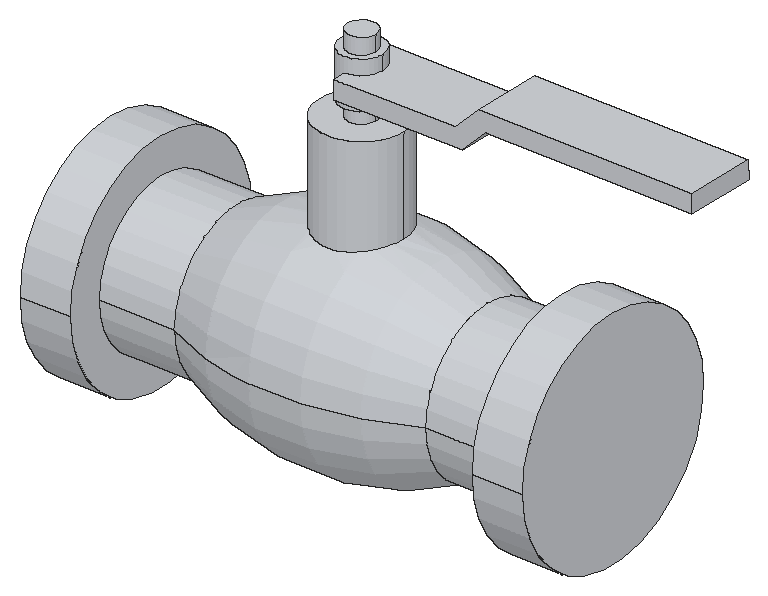
Revit family "M_Válvula de esfera - 50-150 mm", category Acessórios do tubo, Revit 2019
Family settings
  Cota do conector redondo = Usar raio
  Tipo de parte = Válvula - Quebra entre
  Número OmniClass = 23.65.55.14.17
  Título OmniClass = Adjusting/Controlling Valves for Liquid Services
  ID de item do Seek = Ball Valve - 50-150 mm-0000-CAN-ENU
  Com base no plano de trabalho = Não
  Sempre na vertical = Sim
  Corte com vazios quando carregada = Não
  Compartilhado = Não
Parameters (values of type "50 mm")
  Material da válvula = none
  Raio do tronco = Diâmetro do tronco / 2  # 5 mm
  Altura do tronco = 0.5 * Diâmetro do corpo  # 27.5 mm
  Diâmetro do tronco = 0.2 * Diâmetro nominal  # 10 mm
  Comprimento do lacre = 0.25 * Comprimento do corpo  # 44.5 mm
  Raio = 2 * (Comprimento 2) + 3 mm  # 92 mm
  Raio da porca = Diâmetro da porca / 2  # 7.5 mm
  Altura da porca = 0.3 * Diâmetro do corpo  # 16.5 mm
  Diâmetro da porca = 0.3 * Diâmetro nominal  # 15 mm
  Raio nominal = 25 mm
  Diâmetro nominal = Raio nominal * 2  # 50 mm
  Comprimento 2 = (Comprimento do corpo - 2 * Comprimento do lacre) / 2  # 44.5 mm
  Comprimento 1 = Comprimento do corpo - 2 * Comprimento do adaptador  # 142.4 mm
  K Coefficient = 0.35
  Largura do puxador = 25 mm
  Comprimento do puxador = 127 mm
  Altura do puxador = 229 mm
  Altura de meia porca = Altura da porca / 2  # 8.25 mm
  Raio do corpo = Diâmetro do corpo / 2  # 27.5 mm
  Comprimento do corpo = 178 mm
  Altura do corpo = 1.3 * Diâmetro do corpo  # 71.5 mm
  Diâmetro do corpo = 1.1 * Diâmetro nominal  # 55 mm
  Raio do adaptador = Diâmetro do adaptador / 2  # 40 mm
  Comprimento do adaptador = 0.1 * Comprimento do corpo  # 17.8 mm
  Diâmetro do adaptador = 1.6 * Diâmetro nominal  # 80 mm
Types (6, lengths in mm): name | Raio do tronco | Altura do tronco | Diâmetro do tronco | Comprimento do lacre | Raio | Raio da porca | Altura da porca | Diâmetro da porca | Raio nominal | Diâmetro nominal | Comprimento 2 | Comprimento 1 | K Coefficient | Largura do puxador | Comprimento do puxador | Altura do puxador | Altura de meia porca | Raio do corpo | Comprimento do corpo | Altura do corpo | Diâmetro do corpo | Raio do adaptador | Comprimento do adaptador | Diâmetro do adaptador
  (no name) | 5 | 27.5 | 10 | 44.5 | 92 | 7.5 | 16.5 | 15 | 25 | 50 | 44.5 | 142.4 | 0.35 | 25 | 127 | 229 | 8.25 | 27.5 | 178 | 71.5 | 55 | 40 | 17.8 | 80
  50 mm | 5 | 27.5 | 10 | 44.5 | 92 | 7.5 | 16.5 | 15 | 25 | 50 | 44.5 | 142.4 | 0.35 | 25 | 127 | 229 | 8.25 | 27.5 | 178 | 71.5 | 55 | 40 | 17.8 | 80
  65 mm | 6.5 | 35.75 | 13 | 47.75 | 98.5 | 9.75 | 21.45 | 19.5 | 32.5 | 65 | 47.75 | 152.8 | 0.32 | 38.1 | 140 | 406 | 10.725 | 35.75 | 191 | 92.95 | 71.5 | 52 | 19.1 | 104
  80 mm | 8 | 44 | 16 | 50.75 | 104.5 | 12 | 26.4 | 24 | 40 | 80 | 50.75 | 162.4 | 0.31 | 38 | 159 | 406 | 13.2 | 44 | 203 | 114.4 | 88 | 64 | 20.3 | 128
  100 mm | 10 | 55 | 20 | 57.25 | 117.5 | 15 | 33 | 30 | 50 | 100 | 57.25 | 183.2 | 0.3 | 51 | 178 | 502 | 16.5 | 55 | 229 | 143 | 110 | 80 | 22.9 | 160
  150 mm | 15 | 82.5 | 30 | 69.75 | 142.5 | 22.5 | 49.5 | 45 | 75 | 150 | 69.75 | 223.2 | 0.28 | 51 | 259 | 660 | 24.75 | 82.5 | 279 | 214.5 | 165 | 120 | 27.9 | 240
Reference planes
  plane 1 "Centro (Frente/Trás)": y = 0
  plane 2: z = 0
  plane 3 "Centro (Esquerda/Direita)": x = 0
  plane 4: x = -89
  plane 5: x = 89
  plane 6: x = 127
  plane 7: y = 40
  plane 8: y = -40
  plane 9: x = -71.2
  plane 10: x = 71.2
  plane 11: x = 44.5
  plane 12: x = -44.5
  plane 13: y = 27.5
  plane 14: y = -27.5
  plane 15: z = 71.5
  plane 16: z = 99
  plane 17: z = 85.25
  plane 18: z = 93.5
  plane 19: z = 77
  plane 20: y = -12.5
  plane 21: y = 12.5
  plane 22: y = 142.4
Forms (mm)
  Extrusion 1, solid, material <- "Material da válvula", detail levels fine
    sketch origin (0, 0, 0) x (0, 1, 0) y (0, 0, 1)
      loop
        circle (0, 0) r 40
    from 71.2 to 89
  Extrusion 2, solid, material <- "Material da válvula", detail levels fine
    sketch origin (0, 0, 0) x (0, 1, 0) y (0, 0, -1)
      loop
        circle (0, 0) r 40
    from 71.2 to 89
  Revolve 3, solid, material <- "Material da válvula", detail levels fine
    sketch origin (0, 0, 0) x (1, 0, 0) y (0, 1, 0)
      loop
        line (-71.2, 0) -> (-71.2, -27.5) -> (-44.5, -27.5)
        arc (-44.5, -27.5) -> (0, -38.978) -> (44.5, -27.5) r 92
        line (44.5, -27.5) -> (71.2, -27.5) -> (71.2, 0) -> (-71.2, 0)
      axis (-71.2, 0) -> (71.2, 0)
    angle from 0 to 360
  Extrusion 4, solid, material <- "Material da válvula", detail levels fine
    sketch origin (0, 0, 0) x (1, 0, 0) y (0, 1, 0)
      loop
        circle (0, 0) r 15
    from 0 to 71.5
  Extrusion 5, solid, material <- "Material da válvula", detail levels fine
    sketch origin (0, 0, 0) x (1, 0, 0) y (0, 1, 0)
      loop
        circle (0, 0) r 5
    from 0 to 99
  Extrusion 6, solid, material <- "Material da válvula", detail levels fine
    sketch origin (0, 0, 0) x (1, 0, 0) y (0, 1, 0)
      loop
        circle (0, 0) r 7.5
    from 77 to 93.5
  Sweep 7, solid, material <- "Material da válvula", detail levels fine
    path in 3D
      loop
        line (0, 0, 85.25) -> (44.5, 0, 85.25) -> (52.75, 0, 93.5) -> (127, 0, 93.5)
    profile origin (22.25, 0, 85.25) x (0, 0, 1) y (0, -1, 0)
      loop
        line (3.175, 12.5) -> (-3.175, 12.5) -> (-3.175, -12.5) -> (3.175, -12.5) -> (3.175, 12.5)
Cuts and joins
  joined: Extrusion 1, Extrusion 2, Revolve 3, Extrusion 4, Extrusion 5, Extrusion 6, Sweep 7
Lines and regions (mm)
  reference lines
    curve 1: line (0, 0, 85.25) -> (44.5, 0, 85.25)
    curve 2: line (44.5, 0, 85.25) -> (52.75, 0, 93.5)
    curve 3: line (52.75, 0, 93.5) -> (127, 0, 93.5)
  sketch lines
    curve 4: line (0, 0, 85.25) -> (44.5, 0, 85.25)
    curve 5: line (44.5, 0, 85.25) -> (52.75, 0, 93.5)
    curve 6: line (52.75, 0, 93.5) -> (127, 0, 93.5)
  model lines, detail levels coarse+medium
    curve 7: circle (0, 0, 0) r 44.5 normal (0, 0, 1)
    curve 8: line (0, 44.5, 0) -> (0, 142.4, 0)
    curve 9: line (0, 142.4, 0) -> (127, 142.4, 0)
    curve 10: line (-89, 40, 0) -> (-89, -40, 0)
    curve 11: line (89, 40, 0) -> (89, -40, 0)
Dimensions and locks
  equal spacing: plane 4, plane 3 "Centro (Esquerda/Direita)", plane 5
  "Comprimento do corpo": plane 4 to plane 5
  "Comprimento do puxador": plane 3 "Centro (Esquerda/Direita)" to plane 6
  "Raio do adaptador": plane 7 to plane 1 "Centro (Frente/Trás)"
  equal spacing: plane 7, plane 1 "Centro (Frente/Trás)", plane 8
  "Comprimento do adaptador": plane 4 to plane 9
  "Comprimento do adaptador": plane 10 to plane 5
  "Comprimento do lacre": plane 11 to plane 5
  "Comprimento do lacre": plane 4 to plane 12
  "Raio do corpo": plane 13 to plane 1 "Centro (Frente/Trás)"
  equal spacing: plane 13, plane 1 "Centro (Frente/Trás)", plane 14
  "Altura do corpo": plane 15 to plane 2
  "Altura do tronco": plane 16 to plane 15
  equal spacing: plane 16, plane 17, plane 15
  plane 18 to plane 17 to plane 19 = 8.25 mm, 8.25 mm
  equal spacing: plane 18, plane 17, plane 19
  "Altura de meia porca": plane 17 to plane 19
  equal spacing: plane 20, plane 1 "Centro (Frente/Trás)", plane 21
  "Largura do puxador": plane 20 to plane 21
  Sweep 7 sketch curve to Sweep 7 sketch curve = 6.35 mm
  equal spacing: Sweep 7 sketch curve, profile plane, Sweep 7 sketch curve
  "Comprimento 1": plane 22 to plane 1 "Centro (Frente/Trás)"
  "Raio do adaptador": radius of Extrusion 1 sketch curve
  "Raio do adaptador": radius of Extrusion 2 sketch curve
  "Diâmetro da porca": radius of Extrusion 4 sketch curve
  "Raio do tronco": radius of Extrusion 5 sketch curve
  "Raio da porca": radius of Extrusion 6 sketch curve
  "Raio": radius of Revolve 3 sketch curve
  "Comprimento do lacre": radius of curve 7
  locked: plane 17 to curve 2 (angle 45.00°)
  aligned and locked: plane 1 "Centro (Frente/Trás)" to Extrusion 1 sketch curve
  aligned and locked: plane 2 to Extrusion 1 sketch curve
  aligned and locked: Extrusion 1 to plane 5
  aligned and locked: Extrusion 1 to plane 10
  aligned and locked: plane 1 "Centro (Frente/Trás)" to Extrusion 2 sketch curve
  aligned and locked: plane 2 to Extrusion 2 sketch curve
  aligned and locked: plane 9 to Extrusion 2
  aligned and locked: Extrusion 2 to plane 4
  aligned and locked: Revolve 3 sketch curve to plane 1 "Centro (Frente/Trás)"
  aligned and locked: Revolve 3 sketch curve to plane 9
  aligned and locked: plane 14 to Revolve 3 sketch curve  (x2)
  aligned and locked: plane 10 to Revolve 3 sketch curve
  aligned and locked: Revolve 3 sketch curve to Revolve 3 sketch curve
  aligned and locked: plane 3 "Centro (Esquerda/Direita)" to Extrusion 4 sketch curve
  aligned and locked: plane 1 "Centro (Frente/Trás)" to Extrusion 4 sketch curve
  aligned and locked: plane 15 to Extrusion 4
  aligned and locked: Extrusion 4 to level
  aligned and locked: plane 16 to Extrusion 5
  aligned and locked: plane 3 "Centro (Esquerda/Direita)" to Extrusion 6 sketch curve
  aligned and locked: plane 1 "Centro (Frente/Trás)" to Extrusion 6 sketch curve
  aligned and locked: Extrusion 6 to plane 19
  aligned and locked: plane 18 to Extrusion 6
  aligned and locked: plane 11 to Revolve 3 sketch curve
  aligned and locked: plane 6 to curve 3
  aligned and locked: plane 11 to curve 2
  aligned and locked: curve 1 to plane 17
  aligned and locked: plane 3 "Centro (Esquerda/Direita)" to curve 1
  aligned and locked: Sweep 7 sketch curve to plane 20
  aligned and locked: plane 21 to Sweep 7 sketch curve
  aligned and locked: plane 3 "Centro (Esquerda/Direita)" to curve 7
  aligned and locked: plane 1 "Centro (Frente/Trás)" to curve 7
  aligned and locked: curve 9 to plane 22
  aligned and locked: plane 6 to curve 9
  aligned and locked: plane 7 to curve 10
  aligned and locked: plane 8 to curve 10
  aligned and locked: plane 7 to curve 11
  aligned and locked: plane 8 to curve 11
  aligned and locked: cut or joined group of Extrusion 1, Extrusion 2, Revolve 3, Extrusion 4, Extrusion 5, Extrusion 6, Sweep 7 to plane 5
Automatic sketch dimensions
  Extrusion 5 sketch curve to plane 1 "Centro (Frente/Trás)" = 0 mm
  Extrusion 5 sketch curve to plane 3 "Centro (Esquerda/Direita)" = 0 mm
  curve 3 to plane 18 = 0 mm
  curve 10 to plane 4 = 0 mm
  curve 9 to plane 3 "Centro (Esquerda/Direita)" = 0 mm
  curve 11 to plane 5 = 0 mm
  Revolve 3 sketch curve to plane 9 = 0 mm
  Revolve 3 sketch curve to plane 12 = 0 mm
  Revolve 3 sketch curve to plane 10 = 0 mm
Connectors
  piping at (89, 0, 0), diameter 50, driven by "Raio nominal", driven by "K Coefficient"
    settings: on Extrusion 1, index 1, connector inside diameter 50 mm, connector length 0 mm, flow factor 0, pipe flow 0.0 L/s, pressure drop 0.0 Pa, fitting loss kfactor 0.35, connector angle 0.00°, fixture units 0, engagement length 0 mm, angle of deflection 0.00°, flow configuration 0, flow direction 0, fitting loss method 2, system type 29, joint type 0, gender type 0, connector reference index 2, connector utility 0, adjustable connector no, is connector primary no, connector description ""
  piping at (-89, 0, 0), diameter 50, driven by "Raio nominal"
    settings: on Extrusion 2, index 2, connector inside diameter 50 mm, connector length 0 mm, flow factor 0, pipe flow 0.0 L/s, pressure drop 0.0 Pa, fitting loss kfactor 0, connector angle 0.00°, fixture units 0, engagement length 0 mm, angle of deflection 0.00°, flow configuration 0, flow direction 0, fitting loss method 2, system type 29, joint type 0, gender type 0, connector reference index 1, connector utility 0, adjustable connector no, is connector primary yes, connector description ""
